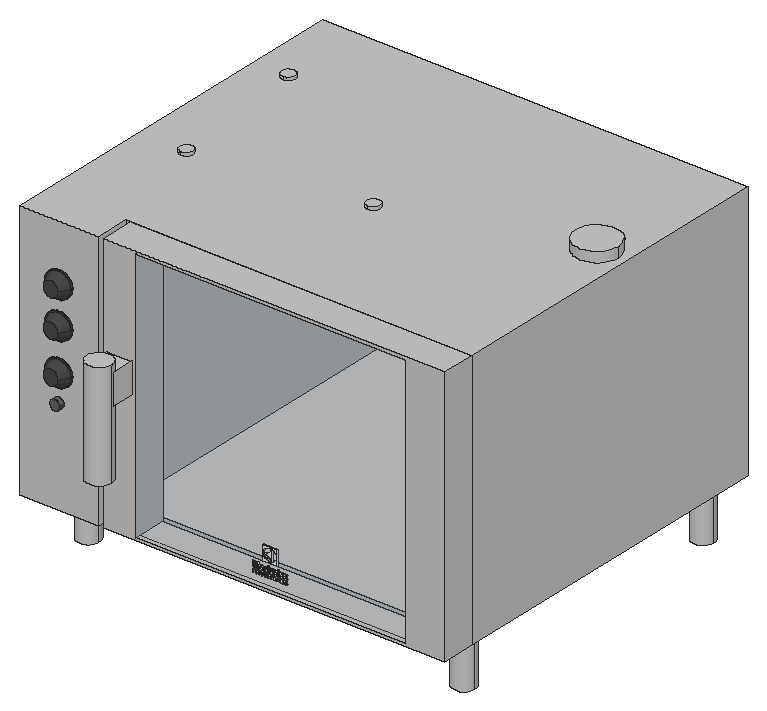
Revit family "QF_ELECTROLUXPROFESSIONAL_260869_EFCE61CSES", category Attrezzature speciali, Revit 2018
Family settings
  Quota connettore circolare = Usa diametro
  Tipo di parte = Normale
  Basato su piano di lavoro = No
  Sempre verticale = Sì
  Taglio con vuoti quando caricato = No
  Condiviso = No
  Punto di calcolo locali = No
Parameters (values of type "Standard")
  Weight = 79.50 kg
  Watts = 7700 W
  Volts = 380 V
  URL Manufacturer = "https://www.electroluxprofessional.com/"
  URL = "https://www.electroluxprofessional.com/"
  Steam Supply Size = 0 mm
  Steam Supply Minimum Pressure = 0.0 Pa
  Steam Supply Maximum Pressure = 0.0 Pa
  Steam Consumption per Hour = 0
  Show Logo [instance] = yes
  Show Clearance [instance] = yes
  Refrigeration Suction Line Size = 0 mm
  Refrigeration Liquid Line Size = 0 mm
  Refrigerant Compressor Remote = yes
  Produttore = "Electrolux Professional"
  Phase = 3
  Modello = "EFCE61CSES"
  Length Actual = 860 mm  # constant formula
  Item Number = "260869"
  Hot Water Size = 0 mm
  Height Actual = 633 mm  # constant formula
  HP = "10.3 HP"
  Gas Size = 0 mm
  Gas KW = 0
  Gas Input Pressure = 0 W
  Direct Waste Size = 25 mm
  Descrizione = "CONVECTION OVEN CW 6 GN 1/1 - ELECTRIC - 60HZ"
  Depth Actual = 746 mm  # constant formula
  Cycle = 60 Hz
  Condensate Return Size = 0 mm
  Compressed Air Volume = 0.0 L/s
  Compressed Air Size = 0 mm
  Compressed Air Pressure = 0.0 Pa
  Cold Water Size = 19.05 mm
  Accessory = yes
Types (2, lengths in mm): name | URL | Produttore | Phase | Modello | Direct Waste Size | Descrizione | Cold Water Size
  (no name) | 0 | 0 | 0 | 0 | 0 | 0 | 0
  Standard | "https://www.electroluxprofessional.com/" | "Electrolux Professional" | 3 | "EFCE61CSES" | 25 | "CONVECTION OVEN CW 6 GN 1/1 - ELECTRIC - 60HZ" | 19.05
Values of the unnamed type that differ from the named types
  Weight = 0.00 kg
  Watts = 0 W
  Volts = 0 V
  URL Manufacturer = ""
  Item Number = ""
  HP = ""
  Cycle = 0 Hz
Reference planes
  plane 1 "Center X": y = 96.851
  plane 2: z = 0
  plane 3 "Center Y": x = -330
  plane 4 "LEFT": x = -760
  plane 5 "BACK": y = 479.851
  plane 6 "RIGHT": x = 100
  plane 7 "FRONT": y = -286.149
  plane 8: x = -710
  plane 9: y = 421.851
  plane 10: y = -217.149
  plane 11: x = 50
  plane 12: y = -935.149
  plane 13: z = 108
  plane 14 "Center Z": z = 633
  plane 15: z = 0
Forms (mm)
  Extrusion 1, solid, material "QF_Finishes_Stainless Steel"
    sketch origin (0, 0, 633) x (-1, 0, 0) y (0, -1, 0)
      loop
        line (760, -479.851) -> (760, 286.149) -> (600, 286.149) -> (600, 217.149) -> (-100, 217.149) -> (-100, -479.851) -> (760, -479.851)
    from 0 to -525
  Extrusion 2, solid, material "QF_Finishes_Stainless Steel"
    sketch origin (0, -286.149, -670) x (-1, 0, 0) y (0, 0, 1)
      loop
        line (590, 1303) -> (-100, 1303) -> (-100, 778) -> (590, 778) -> (590, 1303)
      loop
        line (525, 1298) -> (-20, 1298) -> (-20, 783) -> (525, 783) -> (525, 1298)
    from 0 to 69
  Extrusion 3, solid, material "QF_Finishes_Glass"
    sketch origin (0, -286.149, -670) x (-1, 0, 0) y (0, 0, 1)
      loop
        line (-20, 1298) -> (-20, 783) -> (525, 783) -> (525, 1298) -> (-20, 1298)
    from 0 to 9.69
  Extrusion 4, solid, material "QF_Finishes_Stainless Steel"
    sketch origin (-46, 39, 638) x (0, -1, 0) y (-1, 0, 0)
      loop
        circle (-265.851, 643) r 13.25
    from 0 to 5
  Extrusion 5, solid, material "QF_Door-Drawer Clearances", visible <- "Show Clearance", detail levels coarse
    sketch origin (0, 0, 633) x (-1, 0, 0) y (0, -1, 0)
      loop
        arc (590, 286.149) -> (370.364, 743.933) -> (-100, 935.149) r 704.475
        line (-100, 935.149) -> (-100, 286.149) -> (590, 286.149)
    from -525 to 0
  Extrusion 6, solid, material "QF_Finishes_Stainless Steel"
    sketch origin (-20, -252, 638) x (0, -1, 0) y (-1, 0, 0)
      loop
        circle (-265.851, 643) r 13.25
    from 0 to 5
  Extrusion 7, solid, material "QF_Finishes_Stainless Steel"
    sketch origin (335, -276, 638) x (0, -1, 0) y (-1, 0, 0)
      loop
        circle (-337.851, 658) r 13.25
    from 0 to 5
  Extrusion 8, solid, material "QF_Finishes_Black"
    sketch origin (24, -286.149, -751.676) x (-1, 0, 0) y (0, 0, 1)
      loop
        circle (704, 1195.5) r 26.676
    from 0 to -3
  Blend 9, solid, material "QF_Finishes_Black"
    base sketch origin (-6, -286.149, -751.676) x (1, 0, 0) y (0, 0, 1)
      loop
        circle (-674, 1195.5) r 25
    top sketch origin (-6, -286.149, -751.676) x (1, 0, 0) y (0, 0, 1)
      loop
        circle (-674, 1195.5) r 15
    from 3 to 21.442
  Extrusion 10, solid, material "QF_Finishes_Black"
    sketch origin (24, -286.149, -836.676) x (-1, 0, 0) y (0, 0, 1)
      loop
        circle (704, 1195.5) r 26.676
    from 0 to -3
  Blend 11, solid, material "QF_Finishes_Black"
    base sketch origin (-6, -286.149, -836.676) x (1, 0, 0) y (0, 0, 1)
      loop
        circle (-674, 1195.5) r 25
    top sketch origin (-6, -286.149, -836.676) x (1, 0, 0) y (0, 0, 1)
      loop
        circle (-674, 1195.5) r 15
    from 3 to 21.442
  Extrusion 12, solid, material "QF_Finishes_Black"
    sketch origin (24, -286.149, -971.676) x (-1, 0, 0) y (0, 0, 1)
      loop
        circle (704, 1490.5) r 26.676
    from 0 to -3
  Blend 13, solid, material "QF_Finishes_Black"
    base sketch origin (-6, -286.149, -971.676) x (1, 0, 0) y (0, 0, 1)
      loop
        circle (-674, 1490.5) r 25
    top sketch origin (-6, -286.149, -971.676) x (1, 0, 0) y (0, 0, 1)
      loop
        circle (-674, 1490.5) r 15
    from 3 to 21.442
  Extrusion 14, solid, material "QF_Finishes_Stainless Steel"
    sketch origin (0, -572.298, 425) x (-1, 0, 0) y (0, -1, 0)
      loop
        arc (584.299, -236.149) -> (559.299, -261.149) -> (534.299, -236.149) r 25
        line (534.299, -236.149) -> (534.299, -286.149) -> (584.299, -286.149) -> (584.299, -236.149)
    from -55.026 to 5
  Extrusion 15, solid, material "QF_Finishes_Stainless Steel"
    sketch origin (0, -534.298, 425) x (-1, 0, 0) y (0, -1, 0)
      loop
        circle (559.299, -198.149) r 25
    from -193.655 to 20
  Extrusion 16, solid, material "QF_Finishes_Dark_Gray"
    sketch origin (25, -336.149, -915) x (-1, 0, 0) y (0, 0, 1)
      loop
        circle (705.941, 1218.523) r 10
    from 40 to 50
  Extrusion 17, solid, material "QF_Finishes_Stainless Steel"
    sketch origin (72.184, -18.929, 633) x (-1, 0, 0) y (0, -1, 0)
      loop
        circle (32.184, -192.78) r 43
    from 0 to 20
  Extrusion 18, void
    sketch origin (-600, -680.149, 1750) x (-1, 0, 0) y (0, 0, 1)
      loop
        line (0, -1138.194) -> (-650, -1138.194) -> (-650, -1630) -> (0, -1630) -> (0, -1138.194)
    from 463 to 1102
Cuts and joins
  Extrusion 18 cuts Extrusion 1
Lines and regions (mm)
  Split face 1
    outline origin (-760, -286.149, 633) x (0, 0, -1) y (1, 0, 0)
      loop
        line (5, 15) -> (520, 15) -> (520, 145) -> (5, 145) -> (5, 15)
  Split face 2
    outline origin (-776.014, -286.149, 425.001) x (0, 0, -1) y (1, 0, 0)
      loop
        line (152.5, 78.5) -> (168.75, 78.5) -> (168.75, 113.5) -> (152.5, 113.5) -> (152.5, 78.5)
  Split face 3
    outline origin (-760, -286.149, 633) x (0, 0, -1) y (1, 0, 0)
      loop
        line (50, 15) -> (50, 145)
  Split face 4
    outline origin (-760, -286.149, 633) x (0, 0, -1) y (1, 0, 0)
      loop
        line (475, 15) -> (475, 145)
  Split face 5
    outline origin (20, -286.149, 113) x (1, 0, 0) y (0, 0, 1)
      loop
        line (-524.004, 73.11) -> (-374.004, 73.11) -> (-352.791, 94.323) -> (-192.209, 94.323) -> (-170.996, 73.11) -> (-20.996, 73.11) -> (-20.996, 448.11) -> (-524.004, 448.11) -> (-524.004, 73.11)
  symbolic lines
    curve 1: line (-760, -286.149, 1303) -> (-760, 479.851, 1303)
    curve 2: line (-760, 479.851, 1303) -> (100, 479.851, 1303)
    curve 3: line (-600, -217.149, 1303) -> (100, -217.149, 1303)
    curve 4: line (-600, -217.149, 1303) -> (-600, -286.149, 1303)
    curve 5: line (-760, -286.149, 1303) -> (100, -286.149, 1303)
    curve 6: line (-706.676, -289.149, 1303) -> (-653.324, -289.149, 1303)
    curve 7: line (-695, -307.591, 1303) -> (-665, -307.591, 1303)
    curve 8: line (-706.676, -289.149, 1303) -> (-706.676, -286.149, 1303)
    curve 9: line (-653.324, -289.149, 1303) -> (-653.324, -286.149, 1303)
    curve 10: line (-695, -307.591, 1303) -> (-705, -289.149, 1303)
    curve 11: line (-665, -307.591, 1303) -> (-655.006, -289.149, 1303)
    curve 12: line (100, 479.851, 1303) -> (100, -286.149, 1303)
    curve 14: line (-534.299, -336.149, 1303) -> (-534.299, -286.149, 1303)
    curve 15: line (-584.299, -286.149, 1303) -> (-584.299, -336.149, 1303)
    curve 16: arc (-534.299, -336.149, 1303) -> (-559.299, -361.149, 1303) -> (-584.299, -336.149, 1303) r 25
    curve 17: arc (-584.299, -336.149, 1303) -> (-559.299, -311.149, 1303) -> (-534.299, -336.149, 1303) r 25
    curve 19: arc (83, 173.851, 1303) -> (40, 216.851, 1303) -> (-3, 173.851, 1303) r 43
    curve 20: arc (-3, 173.851, 1303) -> (40, 130.851, 1303) -> (83, 173.851, 1303) r 43
  symbolic lines, style "QF_Door-Drawer Clearances"
    curve 13: line (100, -935.149, 1303) -> (100, -286.149, 1303)
    curve 18: arc (-590, -286.149, 1303) -> (-370.364, -743.933, 1303) -> (100, -935.149, 1303) r 704.475
Dimensions and locks
  equal spacing: plane 4 "LEFT", plane 3 "Center Y", plane 6 "RIGHT"
  plane 4 "LEFT" to plane 6 "RIGHT" = 860 mm
  plane 5 "BACK" to plane 7 "FRONT" = 766 mm
  equal spacing: plane 5 "BACK", plane 1 "Center X", plane 7 "FRONT"
  plane 5 "BACK" to plane 12 = 1415 mm
  plane 13 to plane 15 = 108 mm
  plane 14 "Center Z" to plane 13 = 525 mm
  plane 14 "Center Z" to plane 15 = 633 mm
  aligned and locked: level to plane 2
  aligned and locked: plane 13 to nested 1
  aligned and locked: plane 13 to nested 2
  aligned and locked: plane 13 to nested 4
  aligned and locked: plane 13 to nested 3
  aligned and locked: Extrusion 1 to plane 13
  aligned and locked: Blend 9 to Extrusion 8
  aligned and locked: Blend 11 to Extrusion 10
  aligned and locked: Blend 13 to Extrusion 12
Automatic sketch dimensions
  curve 16 to curve 17 = 0 mm  (x2)
  curve 19 to curve 20 = 0 mm  (x2)
  curve 18 to plane 6 "RIGHT" = 0 mm
  curve 14 to plane 7 "FRONT" = 0 mm
  curve 3 to plane 10 = 0 mm
  curve 1 to plane 4 "LEFT" = 0 mm
  curve 1 to plane 5 "BACK" = 0 mm
  curve 13 to plane 12 = 0 mm
  plane 6 "RIGHT" to curve 18 = 12.296 mm
  curve 20 to plane 11 = 10 mm
  curve 14 to plane 7 "FRONT" = 50 mm
  plane 8 to curve 14 = 175.701 mm
  curve 14 to curve 16 = 25 mm
  curve 15 to curve 3 = 15.701 mm
  curve 9 to plane 7 "FRONT" = 3 mm
  curve 4 to curve 9 = 53.324 mm
  curve 11 to plane 7 "FRONT" = 21.442 mm
  curve 6 to curve 11 = 11.676 mm
  plane 8 to curve 10 = 15 mm
  plane 8 to curve 8 = 3.324 mm
  curve 20 to plane 1 "Center X" = 77 mm
  curve 18 to plane 10 = 13.632 mm
  curve 19 to plane 6 "RIGHT" = 17 mm
  curve 6 to curve 11 = 1.682 mm
  curve 10 to curve 6 = 1.676 mm
  Extrusion 1 sketch curve to plane 5 "BACK" = 0 mm
  Extrusion 1 sketch curve to plane 6 "RIGHT" = 0 mm
  Extrusion 1 sketch curve to plane 10 = 0 mm
  Extrusion 1 sketch curve to plane 7 "FRONT" = 0 mm
  Extrusion 1 sketch curve to plane 4 "LEFT" = 0 mm
  plane 8 to Extrusion 1 sketch curve = 110 mm
  Extrusion 2 sketch curve to plane 6 "RIGHT" = 0 mm
  Extrusion 2 sketch curve to plane 13 = 0 mm
  Extrusion 2 sketch curve to plane 14 "Center Z" = 0 mm
  plane 13 to Extrusion 2 sketch curve = 5 mm
  Extrusion 2 sketch curve to plane 11 = 30 mm
  Extrusion 2 sketch curve to plane 14 "Center Z" = 5 mm
  plane 8 to Extrusion 2 sketch curve = 185 mm
  Extrusion 2 sketch curve to Extrusion 2 sketch curve = 65 mm
  plane 13 to Extrusion 3 sketch curve = 5 mm
  Extrusion 3 sketch curve to plane 11 = 30 mm
  plane 8 to Extrusion 3 sketch curve = 185 mm  (x2)
  Extrusion 3 sketch curve to plane 14 "Center Z" = 5 mm
  plane 8 to Extrusion 4 sketch curve = 21 mm
  Extrusion 4 sketch curve to plane 9 = 117 mm
  Extrusion 5 sketch curve to plane 6 "RIGHT" = 0 mm
  Extrusion 5 sketch curve to plane 7 "FRONT" = 0 mm
  Extrusion 5 sketch curve to plane 12 = 0 mm
  plane 6 "RIGHT" to Extrusion 5 sketch curve = 12.296 mm
  plane 8 to Extrusion 5 sketch curve = 120 mm
  Split face 1 sketch curve to Extrusion 1 = 5 mm  (x2)
  Split face 1 sketch curve to Extrusion 1 = 15 mm  (x2)
  Split face 2 sketch curve to Extrusion 1 = 62.514 mm
  Split face 2 sketch curve to Extrusion 1 = 164.501 mm
  Split face 2 sketch curve to Split face 2 sketch curve = 16.25 mm
  Split face 2 sketch curve to Split face 2 sketch curve = 35 mm
  plane 1 "Center X" to Extrusion 6 sketch curve = 83 mm
  plane 8 to Extrusion 6 sketch curve = 47 mm
  plane 3 "Center Y" to Extrusion 7 sketch curve = 7 mm
  plane 1 "Center X" to Extrusion 7 sketch curve = 35 mm
  Split face 3 sketch curve to Extrusion 1 = 15 mm  (x2)
  Split face 3 sketch curve to Extrusion 1 = 50 mm
  Split face 4 sketch curve to Extrusion 1 = 15 mm  (x2)
  Split face 4 sketch curve to Extrusion 1 = 50 mm
  plane 8 to Extrusion 8 sketch curve = 30 mm
  Extrusion 8 sketch curve to plane 14 "Center Z" = 189.176 mm
  plane 8 to Blend 9 sketch curve = 30 mm  (x2)
  Blend 9 sketch curve to plane 14 "Center Z" = 189.176 mm  (x2)
  plane 8 to Extrusion 10 sketch curve = 30 mm
  plane 13 to Extrusion 10 sketch curve = 250.824 mm
  plane 8 to Blend 11 sketch curve = 30 mm  (x2)
  plane 13 to Blend 11 sketch curve = 250.824 mm  (x2)
  plane 8 to Extrusion 12 sketch curve = 30 mm
  Extrusion 12 sketch curve to plane 14 "Center Z" = 114.176 mm
  plane 8 to Blend 13 sketch curve = 30 mm  (x2)
  Blend 13 sketch curve to plane 14 "Center Z" = 114.176 mm  (x2)
  Split face 5 sketch curve to Extrusion 3 = 20.996 mm  (x2)
  Split face 5 sketch curve to Extrusion 3 = 73.11 mm  (x2)
  Split face 5 sketch curve to Split face 5 sketch curve = 150 mm
  Split face 5 sketch curve to Split face 5 sketch curve = 21.213 mm  (x3)
  Split face 5 sketch curve to Split face 5 sketch curve = 160.583 mm
  Split face 5 sketch curve to Extrusion 3 = 66.89 mm
  Extrusion 14 sketch curve to plane 7 "FRONT" = 0 mm
  plane 8 to Extrusion 14 sketch curve = 175.701 mm
  Extrusion 14 sketch curve to Extrusion 14 sketch curve = 25 mm
  Extrusion 14 sketch curve to Extrusion 14 sketch curve = 50 mm
  Extrusion 14 sketch curve to plane 7 "FRONT" = 50 mm
  Extrusion 14 sketch curve to Extrusion 14 sketch curve = 0 mm  (x3)
  Extrusion 15 sketch curve to plane 7 "FRONT" = 50 mm
  plane 8 to Extrusion 15 sketch curve = 150.701 mm
  plane 8 to Extrusion 16 sketch curve = 29.059 mm
  plane 13 to Extrusion 16 sketch curve = 195.523 mm
  Extrusion 17 sketch curve to plane 11 = 10 mm
  Extrusion 17 sketch curve to plane 1 "Center X" = 77 mm
  Extrusion 18 sketch curve to plane 11 = 0 mm
  plane 13 to Extrusion 18 sketch curve = 12 mm
  plane 8 to Extrusion 18 sketch curve = 110 mm
  Extrusion 18 sketch curve to plane 14 "Center Z" = 21.194 mm
  radius of Extrusion 4 sketch curve = 13.25 mm
  radius of Extrusion 6 sketch curve = 13.25 mm
  radius of Extrusion 7 sketch curve = 13.25 mm
  radius of Extrusion 8 sketch curve = 26.676 mm
  radius of Blend 9 sketch curve = 25 mm
  radius of Blend 9 sketch curve = 15 mm
  radius of Extrusion 10 sketch curve = 26.676 mm
  radius of Blend 11 sketch curve = 25 mm
  radius of Blend 11 sketch curve = 15 mm
  radius of Extrusion 12 sketch curve = 26.676 mm
  radius of Blend 13 sketch curve = 25 mm
  radius of Blend 13 sketch curve = 15 mm
  radius of Extrusion 15 sketch curve = 25 mm
  radius of Extrusion 16 sketch curve = 10 mm
  radius of Extrusion 17 sketch curve = 43 mm
Nested families
  nested 1: "Foot" at (-710, -175.149, 0), type "Foot"
    with Ø 22 mm, H 108 mm
  nested 2: "Foot" at (50, -175.149, 0), type "Foot"
    with Ø 22 mm, H 108 mm
  nested 3: "Foot" at (50, 429.851, 0), type "Foot"
    with Ø 22 mm, H 108 mm
  nested 4: "Foot" at (-710, 429.851, 0), type "Foot"
    with Ø 22 mm, H 108 mm
  nested 5: "ELX_Pro_Logo" at (-252.5, -286.149, 160.512) x (1, 0, 0) z (0, -1, 0), type "ELX_Pro_Logo"
Connectors
  piping at (-323, 61.851, 638), diameter 26.4
    settings: on Extrusion 7, index 6, connector inside diameter 609.6 mm, connector length 0 mm, flow factor 0, pipe flow 0.0 L/s, pressure drop 0.0 Pa, fitting loss kfactor 0, connector angle 0.00°, fixture units 0, engagement length 0 mm, angle of deflection 0.00°, flow configuration 0, flow direction 0, fitting loss method 0, system type 16, joint type 0, gender type 0, connector reference index -1, connector utility 0, adjustable connector no, is connector primary yes, connector description ""
  electrical at (-663, 13.851, 638)
    settings: on Extrusion 6, index 7, voltage 0 V, apparent load 0 VA, apparent load phase1 0 VA, apparent load phase2 0 VA, apparent load phase3 0 VA, power factor 1, load classification "Altro", number of poles 1, system type 30, power factor state 1, is connector primary yes, connector utility no, sub classification motor no, connector description ""
  piping at (-689, 304.851, 638), diameter 19.05, driven by "Cold Water Size"
    settings: on Extrusion 4, index 8, connector inside diameter 609.6 mm, connector length 0 mm, flow factor 0, pipe flow 0.0 L/s, pressure drop 0.0 Pa, fitting loss kfactor 0, connector angle 0.00°, fixture units 0, engagement length 0 mm, angle of deflection 0.00°, flow configuration 0, flow direction 0, fitting loss method 0, system type 20, joint type 0, gender type 0, connector reference index -1, connector utility 0, adjustable connector no, is connector primary no, connector description "Cold Water Inlet"
Definition of nested family "Foot"
  Parameters
    Ø [instance] = 20 mm
    H [instance] = 50 mm
  Reference planes
    plane 1 "Centro (Fronte/Retro)": y = 0
    plane 2: z = 0
    plane 3 "Centro (Sinistra/Destra)": x = 0
    plane 4: z = 50
  Forms (mm)
    Revolve 1, solid
      sketch origin (255.05, 0, 608.09) x (0, 0, 1) y (-1, 0, 0)
        loop
          line (-608.09, 255.05) -> (-608.09, 235.05) -> (-558.09, 235.05) -> (-558.09, 255.05) -> (-608.09, 255.05)
        axis (-608.09, 255.05) -> (-558.09, 255.05)
      angle from 0 to 360
  Dimensions and locks
    "H": plane 4 to plane 2
    "Ø": Revolve 1 sketch curve to Revolve 1 sketch curve
    aligned and locked: level to plane 2
    aligned and locked: plane 4 to Revolve 1 sketch curve
    aligned and locked: Revolve 1 sketch curve to level
    aligned and locked: plane 3 "Centro (Sinistra/Destra)" to Revolve 1 sketch curve
  Automatic sketch dimensions
    Revolve 1 sketch curve to plane 3 "Centro (Sinistra/Destra)" = 0 mm
    Revolve 1 sketch curve to Revolve 1 sketch curve = 50 mm
    Revolve 1 sketch curve to Revolve 1 sketch curve = 20 mm
Definition of nested family "ELX_Pro_Logo"
  Parameters (values of type "ELX_Pro_Logo")
    M = none
    Default Elevation = 0 mm
  Reference planes
    plane 1 "Centro (Fronte/Retro)": y = 0
    plane 2: z = 0
    plane 3 "Centro (Sinistra/Destra)": x = 0
  Forms (mm)
    Extrusion 1, solid
      sketch origin (0, 0, 0) x (1, 0, 0) y (0, 1, 0)
        loop
          line (-1219.2, 1219.2) -> (-1219.2, -1219.2) -> (1219.2, -1219.2) -> (1219.2, 1219.2) -> (-1219.2, 1219.2)
      from 0 to -304.8
    Extrusion 2, solid, material <- "M"
      sketch origin (-144.622, -1081.55, 0) x (-1, 0, 0) y (0, -1, 0)
        loop
          line (-111.329, -1069.559) -> (-111.329, -1071.073) -> (-116.048, -1071.073) -> (-116.048, -1072.896) -> (-111.328, -1072.896) -> (-111.328, -1075.549) -> (-116.349, -1075.549) -> (-116.349, -1077.368) -> (-109.396, -1077.368) -> (-109.396, -1073.46) -> (-109.396, -1069.659)
          arc (-109.396, -1069.659) -> (-110.425, -1067.175) -> (-112.909, -1066.146) r 3.513
          line (-112.909, -1066.146) -> (-116.483, -1066.146) -> (-116.483, -1067.963) -> (-112.925, -1067.963)
          arc (-112.925, -1067.963) -> (-111.797, -1068.431) -> (-111.329, -1069.559) r 1.596
        loop
          line (-119.79, -1077.358) -> (-117.856, -1077.358) -> (-117.856, -1072.053) -> (-117.856, -1066.132) -> (-119.79, -1066.132) -> (-119.79, -1072.092) -> (-119.79, -1077.358)
        loop
          line (-122.986, -1069.718) -> (-129.327, -1069.718)
          arc (-129.327, -1069.718) -> (-129.219, -1071.449) -> (-128.497, -1073.026) r 4.757
          arc (-128.497, -1073.026) -> (-125.237, -1074.5) -> (-121.978, -1073.026) r 4.34
          arc (-121.978, -1073.026) -> (-121.072, -1070.207) -> (-121.978, -1067.388) r 4.838
          arc (-121.978, -1067.388) -> (-125.393, -1065.933) -> (-128.809, -1067.388) r 4.737
          line (-128.809, -1067.388) -> (-127.645, -1068.52)
          arc (-127.645, -1068.52) -> (-125.509, -1067.576) -> (-123.374, -1068.52) r 2.888
          arc (-123.374, -1068.52) -> (-123.05, -1069.077) -> (-122.986, -1069.718) r 1.527
        loop
          arc (-127.386, -1071.076) -> (-126.67, -1072.331) -> (-125.331, -1072.872) r 2.201
          arc (-125.331, -1072.872) -> (-123.848, -1072.402) -> (-123.033, -1071.076) r 2.23
          line (-123.033, -1071.076) -> (-127.386, -1071.076)
        loop
          line (-136.862, -1071.886) -> (-138.059, -1073.132)
          arc (-138.059, -1073.132) -> (-130.327, -1070.219) -> (-138.059, -1067.306) r 4.415
          line (-138.059, -1067.306) -> (-136.862, -1068.553)
          arc (-136.862, -1068.553) -> (-132.252, -1070.22) -> (-136.862, -1071.886) r 2.606
        loop
          line (-141.192, -1069.673) -> (-141.192, -1072.494) -> (-142.951, -1072.494) -> (-142.951, -1074.25) -> (-141.195, -1074.25) -> (-141.195, -1077.358) -> (-139.262, -1077.358) -> (-139.262, -1073.332) -> (-139.262, -1069.514)
          arc (-139.262, -1069.514) -> (-140.299, -1066.92) -> (-142.98, -1066.132) r 3.196
          line (-142.98, -1066.132) -> (-142.987, -1067.949)
          arc (-142.987, -1067.949) -> (-141.652, -1068.356) -> (-141.192, -1069.673) r 1.542
        loop
          line (-146.494, -1073.042) -> (-146.494, -1074.25) -> (-144.576, -1074.25) -> (-144.576, -1070.271) -> (-144.576, -1066.132) -> (-146.494, -1066.132) -> (-146.494, -1070.401)
          arc (-146.494, -1070.401) -> (-147.446, -1072.228) -> (-149.489, -1072.494) r 2.229
          line (-149.489, -1072.494) -> (-149.489, -1074.362)
          arc (-149.489, -1074.362) -> (-147.761, -1074.226) -> (-146.494, -1073.042) r 2.627
        loop
          line (-159.833, -1072.246) -> (-159.833, -1066.131) -> (-161.767, -1066.131) -> (-161.767, -1072.17) -> (-161.767, -1077.359) -> (-159.833, -1077.359) -> (-159.833, -1072.246)
        loop
          line (-165.194, -1069.514) -> (-165.194, -1074.25) -> (-163.245, -1074.25) -> (-163.245, -1071.898) -> (-163.245, -1069.098)
          arc (-163.245, -1069.098) -> (-166.96, -1065.769) -> (-170.687, -1069.085) r 3.745
          line (-170.687, -1069.085) -> (-170.687, -1071.898) -> (-170.687, -1074.25) -> (-168.739, -1074.25) -> (-168.739, -1069.514)
          arc (-168.739, -1069.514) -> (-166.967, -1067.742) -> (-165.194, -1069.514) r 1.772
        loop
          line (-174.654, -1070.416) -> (-172.975, -1068.078) -> (-171.578, -1066.131) -> (-173.656, -1066.131) -> (-175.717, -1068.999) -> (-177.779, -1066.131) -> (-179.857, -1066.131) -> (-178, -1068.728) -> (-176.781, -1070.433) -> (-178.29, -1072.488) -> (-179.583, -1074.25) -> (-177.473, -1074.25) -> (-175.717, -1071.818) -> (-173.945, -1074.25) -> (-171.852, -1074.25) -> (-173.052, -1072.608) -> (-174.654, -1070.416)
        loop
          circle (-154.223, -1070.188) r 2.508
        loop
          circle (-154.223, -1070.188) r 4.42
        loop
          line (-110.224, -1058.542) -> (-111.194, -1058.542)
          arc (-111.194, -1058.542) -> (-112.217, -1059.95) -> (-110.924, -1061.114) r 1.3
          line (-110.924, -1061.114) -> (-109.424, -1061.114) -> (-109.424, -1057.223) -> (-110.224, -1057.223) -> (-110.224, -1058.542)
        loop
          line (-110.224, -1060.379) -> (-110.224, -1059.293) -> (-111.03, -1059.293)
          arc (-111.03, -1059.293) -> (-111.43, -1059.836) -> (-111.03, -1060.379) r 0.569
          line (-111.03, -1060.379) -> (-110.224, -1060.379)
        loop
          line (-116.302, -1058.564) -> (-117.128, -1058.564) -> (-117.934, -1057.223) -> (-118.841, -1057.223) -> (-117.833, -1058.884)
          arc (-117.833, -1058.884) -> (-118.214, -1060.282) -> (-117.028, -1061.114) r 1.26
          line (-117.028, -1061.114) -> (-115.503, -1061.114) -> (-115.503, -1057.223) -> (-116.302, -1057.223) -> (-116.302, -1058.564)
        loop
          line (-116.302, -1060.379) -> (-116.302, -1059.293) -> (-117.109, -1059.293)
          arc (-117.109, -1059.293) -> (-117.508, -1059.836) -> (-117.109, -1060.379) r 0.569
          line (-117.109, -1060.379) -> (-116.302, -1060.379)
        loop
          line (-128.923, -1057.223) -> (-129.723, -1057.223) -> (-129.723, -1058.714) -> (-131.187, -1058.714) -> (-131.187, -1059.514) -> (-129.723, -1059.514) -> (-129.723, -1060.314) -> (-131.327, -1060.314) -> (-131.327, -1061.114) -> (-128.923, -1061.114) -> (-128.923, -1057.223)
        loop
          arc (-134.628, -1058.469) -> (-134.992, -1057.588) -> (-135.874, -1057.223) r 1.246
          line (-135.874, -1057.223) -> (-137.13, -1057.223) -> (-137.13, -1058.023) -> (-135.969, -1058.023)
          arc (-135.969, -1058.023) -> (-135.53, -1058.237) -> (-135.427, -1058.714) r 0.558
          line (-135.427, -1058.714) -> (-136.984, -1058.714) -> (-136.984, -1059.514) -> (-135.427, -1059.514) -> (-135.427, -1060.314) -> (-137.092, -1060.314) -> (-137.092, -1061.114) -> (-134.628, -1061.114) -> (-134.628, -1058.469)
        loop
          line (-152.3, -1057.223) -> (-153.1, -1057.223) -> (-153.1, -1061.114) -> (-152.3, -1061.114) -> (-152.3, -1057.223)
        loop
          line (-164.67, -1057.223) -> (-164.67, -1059.67) -> (-166.45, -1057.223) -> (-167.25, -1057.223) -> (-167.25, -1061.114) -> (-166.42, -1061.114) -> (-166.42, -1058.594) -> (-164.64, -1061.114) -> (-163.84, -1061.114) -> (-163.84, -1057.223) -> (-164.67, -1057.223)
        loop
          line (-170.403, -1057.223) -> (-171.262, -1057.223) -> (-171.641, -1058.063) -> (-173.08, -1058.063) -> (-173.459, -1057.223) -> (-174.317, -1057.223) -> (-172.796, -1061.113) -> (-171.996, -1061.113) -> (-170.403, -1057.223)
        loop
          line (-177.493, -1057.223) -> (-179.789, -1057.223) -> (-179.789, -1058.023) -> (-178.293, -1058.023) -> (-178.293, -1061.114) -> (-177.493, -1061.114) -> (-177.493, -1057.223)
        loop
          line (-172.362, -1059.848) -> (-171.945, -1058.83) -> (-172.76, -1058.83) -> (-172.362, -1059.848)
        loop
          circle (-158.484, -1059.145) r 1.288
        loop
          circle (-158.484, -1059.145) r 2.065
        loop
          arc (-146.04, -1058.095) -> (-146.933, -1057.275) -> (-148.145, -1057.245) r 1.725
          arc (-148.145, -1057.245) -> (-148.965, -1058.02) -> (-148.68, -1059.111) r 1.107
          arc (-148.68, -1059.111) -> (-148.103, -1059.465) -> (-147.486, -1059.746) r 5.523
          arc (-147.486, -1059.746) -> (-147.147, -1060.262) -> (-147.708, -1060.52) r 0.407
          arc (-147.708, -1060.52) -> (-148.045, -1060.315) -> (-148.325, -1060.038) r 1.702
          line (-148.325, -1060.038) -> (-149.011, -1060.45)
          arc (-149.011, -1060.45) -> (-148.578, -1060.911) -> (-148.043, -1061.247) r 2.463
          arc (-148.043, -1061.247) -> (-146.373, -1060.466) -> (-147.42, -1058.949) r 1.207
          spline (-147.42, -1058.949) -> (-147.716, -1058.809) -> (-147.932, -1058.678) -> (-148.077, -1058.557) -> (-148.163, -1058.446) -> (-148.198, -1058.347) -> (-148.192, -1058.258) -> (-148.157, -1058.182) -> (-148.102, -1058.118) -> (-148.037, -1058.068) -> (-147.972, -1058.031) -> (-147.917, -1058.008) -> (-147.883, -1058)
          arc (-147.883, -1058) -> (-147.238, -1058.014) -> (-146.759, -1058.446) r 0.925
          line (-146.759, -1058.446) -> (-146.04, -1058.095)
        loop
          arc (-140.18, -1058.095) -> (-141.073, -1057.275) -> (-142.285, -1057.245) r 1.725
          arc (-142.285, -1057.245) -> (-143.106, -1058.02) -> (-142.821, -1059.111) r 1.107
          arc (-142.821, -1059.111) -> (-142.243, -1059.465) -> (-141.627, -1059.746) r 5.523
          arc (-141.627, -1059.746) -> (-141.287, -1060.262) -> (-141.849, -1060.52) r 0.407
          arc (-141.849, -1060.52) -> (-142.185, -1060.315) -> (-142.466, -1060.038) r 1.702
          line (-142.466, -1060.038) -> (-143.151, -1060.45)
          arc (-143.151, -1060.45) -> (-142.719, -1060.911) -> (-142.183, -1061.247) r 2.463
          arc (-142.183, -1061.247) -> (-140.513, -1060.466) -> (-141.56, -1058.949) r 1.207
          spline (-141.56, -1058.949) -> (-141.856, -1058.809) -> (-142.072, -1058.678) -> (-142.218, -1058.557) -> (-142.303, -1058.446) -> (-142.338, -1058.347) -> (-142.333, -1058.258) -> (-142.298, -1058.182) -> (-142.242, -1058.118) -> (-142.177, -1058.068) -> (-142.112, -1058.031) -> (-142.057, -1058.008) -> (-142.023, -1058)
          arc (-142.023, -1058) -> (-141.378, -1058.014) -> (-140.9, -1058.446) r 0.925
          line (-140.9, -1058.446) -> (-140.18, -1058.095)
        loop
          circle (-123.484, -1059.145) r 1.288
        loop
          circle (-123.484, -1059.145) r 2.065
        loop
          line (-130.225, -1113.361) -> (-130.225, -1084.645) -> (-158.979, -1084.645) -> (-158.979, -1113.361) -> (-130.225, -1113.361)
        loop
          arc (-148.442, -1086.055) -> (-157.992, -1098.973) -> (-148.442, -1111.892) r 13.512
          line (-148.442, -1111.892) -> (-148.442, -1086.055)
        loop
          line (-147.127, -1086.055) -> (-147.127, -1087.926)
          arc (-147.127, -1087.926) -> (-143.116, -1095.125) -> (-135.48, -1098.224) r 12.412
          line (-135.48, -1098.224) -> (-131.205, -1098.224)
          arc (-131.205, -1098.224) -> (-136.382, -1088.497) -> (-147.127, -1086.055) r 13.242
        loop
          line (-147.127, -1110.021) -> (-147.127, -1112.224)
          arc (-147.127, -1112.224) -> (-136.374, -1109.53) -> (-131.205, -1099.722) r 13.588
          line (-131.205, -1099.722) -> (-135.48, -1099.722)
          arc (-135.48, -1099.722) -> (-143.116, -1102.822) -> (-147.127, -1110.021) r 12.412
      from 0 to 1.6
  Lines and regions (mm)
    symbolic lines
      curve 1: line (-14.357, 31.811, 0) -> (14.357, 31.811, 0)
      curve 2: line (-14.357, 3.095, 0) -> (-14.357, 31.811, 0)
      curve 3: line (14.357, 3.095, 0) -> (-14.357, 3.095, 0)
      curve 4: line (14.357, 31.811, 0) -> (14.357, 3.095, 0)
      curve 5: line (-8.32, 7.722, 0) -> (-9.387, 8.738, 0)
      curve 6: line (-9.387, 8.738, 0) -> (-10.331, 9.866, 0)
      curve 7: line (-10.331, 9.866, 0) -> (-11.141, 11.095, 0)
      curve 8: line (-11.141, 11.095, 0) -> (-11.805, 12.411, 0)
      curve 9: line (-11.805, 12.411, 0) -> (-12.31, 13.803, 0)
      curve 10: line (-12.31, 13.803, 0) -> (-12.646, 15.26, 0)
      curve 11: line (-12.646, 15.26, 0) -> (-12.8, 16.77, 0)
      curve 12: line (-12.8, 16.77, 0) -> (-10.081, 16.77, 0)
      curve 13: line (-10.081, 16.77, 0) -> (-8.466, 16.661, 0)
      curve 14: line (-8.466, 16.661, 0) -> (-6.88, 16.344, 0)
      curve 15: line (-6.88, 16.344, 0) -> (-5.345, 15.833, 0)
      curve 16: line (-5.345, 15.833, 0) -> (-3.882, 15.143, 0)
      curve 17: line (-3.882, 15.143, 0) -> (-2.511, 14.288, 0)
      curve 18: line (-2.511, 14.288, 0) -> (-1.255, 13.283, 0)
      curve 19: line (-1.255, 13.283, 0) -> (-0.135, 12.143, 0)
      curve 20: line (-0.135, 12.143, 0) -> (0.83, 10.882, 0)
      curve 21: line (0.83, 10.882, 0) -> (1.616, 9.515, 0)
      curve 22: arc (1.616, 9.515, 0) -> (2.419, 7.28, 0) -> (2.7, 4.923, 0) r 10.532
      curve 23: arc (2.7, 4.923, 0) -> (1.362, 4.715, 0) -> (0.011, 4.633, 0) r 14.39
      curve 24: line (0.011, 4.633, 0) -> (-1.56, 4.731, 0)
      curve 25: line (-1.56, 4.731, 0) -> (-3.062, 5.011, 0)
      curve 26: line (-3.062, 5.011, 0) -> (-4.502, 5.462, 0)
      curve 27: line (-4.502, 5.462, 0) -> (-5.866, 6.072, 0)
      curve 28: line (-5.866, 6.072, 0) -> (-7.142, 6.829, 0)
      curve 29: line (-7.142, 6.829, 0) -> (-8.32, 7.722, 0)
      curve 30: line (-10.802, 24.24, 0) -> (-9.872, 25.531, 0)
      curve 31: line (-9.872, 25.531, 0) -> (-8.796, 26.699, 0)
      curve 32: line (-8.796, 26.699, 0) -> (-7.587, 27.728, 0)
      curve 33: line (-7.587, 27.728, 0) -> (-6.258, 28.602, 0)
      curve 34: line (-6.258, 28.602, 0) -> (-4.823, 29.309, 0)
      curve 35: line (-4.823, 29.309, 0) -> (-3.293, 29.832, 0)
      curve 36: line (-3.293, 29.832, 0) -> (-1.683, 30.156, 0)
      curve 37: arc (-1.683, 30.156, 0) -> (0.517, 30.256, 0) -> (2.702, 29.984, 0) r 13.008
      curve 38: arc (2.702, 29.984, 0) -> (2.453, 27.616, 0) -> (1.617, 25.387, 0) r 9.395
      curve 39: line (1.617, 25.387, 0) -> (0.83, 24.018, 0)
      curve 40: line (0.83, 24.018, 0) -> (-0.134, 22.756, 0)
      curve 41: line (-0.134, 22.756, 0) -> (-1.255, 21.615, 0)
      curve 42: line (-1.255, 21.615, 0) -> (-2.512, 20.609, 0)
      curve 43: line (-2.512, 20.609, 0) -> (-3.882, 19.754, 0)
      curve 44: line (-3.882, 19.754, 0) -> (-5.346, 19.063, 0)
      curve 45: line (-5.346, 19.063, 0) -> (-6.881, 18.551, 0)
      curve 46: line (-6.881, 18.551, 0) -> (-8.467, 18.234, 0)
      curve 47: line (-8.467, 18.234, 0) -> (-10.083, 18.125, 0)
      curve 48: line (-10.083, 18.125, 0) -> (-12.798, 18.125, 0)
      curve 49: line (-12.798, 18.125, 0) -> (-12.584, 19.768, 0)
      curve 50: line (-12.584, 19.768, 0) -> (-12.171, 21.343, 0)
      curve 51: line (-12.171, 21.343, 0) -> (-11.572, 22.839, 0)
      curve 52: line (-11.572, 22.839, 0) -> (-10.802, 24.24, 0)
      curve 53: line (4.048, 5.294, 0) -> (4.048, 29.617, 0)
      curve 54: line (4.048, 29.617, 0) -> (5.525, 29.026, 0)
      curve 55: line (5.525, 29.026, 0) -> (6.905, 28.26, 0)
      curve 56: line (6.905, 28.26, 0) -> (8.174, 27.332, 0)
      curve 57: line (8.174, 27.332, 0) -> (9.318, 26.256, 0)
      curve 58: line (9.318, 26.256, 0) -> (10.323, 25.046, 0)
      curve 59: line (10.323, 25.046, 0) -> (11.177, 23.715, 0)
      curve 60: line (11.177, 23.715, 0) -> (11.865, 22.277, 0)
      curve 61: line (11.865, 22.277, 0) -> (12.375, 20.746, 0)
      curve 62: line (12.375, 20.746, 0) -> (12.693, 19.135, 0)
      curve 63: line (12.693, 19.135, 0) -> (12.804, 17.459, 0)
      curve 64: line (12.804, 17.459, 0) -> (12.702, 15.807, 0)
      curve 65: line (12.702, 15.807, 0) -> (12.396, 14.216, 0)
      curve 66: line (12.396, 14.216, 0) -> (11.897, 12.7, 0)
      curve 67: line (11.897, 12.7, 0) -> (11.218, 11.271, 0)
      curve 68: line (11.218, 11.271, 0) -> (10.372, 9.944, 0)
      curve 69: line (10.372, 9.944, 0) -> (9.37, 8.731, 0)
      curve 70: line (9.37, 8.731, 0) -> (8.224, 7.646, 0)
      curve 71: line (8.224, 7.646, 0) -> (6.947, 6.703, 0)
      curve 72: line (6.947, 6.703, 0) -> (5.551, 5.914, 0)
      curve 73: line (5.551, 5.914, 0) -> (4.048, 5.294, 0)
      curve 74: line (-35.227, -8.09, 0) -> (-35.227, -11.891, 0)
      curve 75: arc (-35.227, -11.891, 0) -> (-34.198, -14.375, 0) -> (-31.714, -15.404, 0) r 3.513
      curve 76: line (-31.714, -15.404, 0) -> (-28.139, -15.404, 0)
      curve 77: line (-28.139, -15.404, 0) -> (-28.139, -13.587, 0)
      curve 78: line (-28.139, -13.587, 0) -> (-31.697, -13.587, 0)
      curve 79: arc (-31.697, -13.587, 0) -> (-32.826, -13.119, 0) -> (-33.293, -11.991, 0) r 1.596
      curve 80: line (-33.293, -11.991, 0) -> (-33.293, -10.477, 0)
      curve 81: line (-33.293, -10.477, 0) -> (-28.574, -10.477, 0)
      curve 82: line (-28.574, -10.477, 0) -> (-28.574, -8.654, 0)
      curve 83: line (-28.574, -8.654, 0) -> (-33.294, -8.654, 0)
      curve 84: line (-33.294, -8.654, 0) -> (-33.294, -6.001, 0)
      curve 85: line (-33.294, -6.001, 0) -> (-28.273, -6.001, 0)
      curve 86: line (-28.273, -6.001, 0) -> (-28.273, -4.182, 0)
      curve 87: line (-28.273, -4.182, 0) -> (-35.227, -4.182, 0)
      curve 88: line (-35.227, -4.182, 0) -> (-35.227, -8.09, 0)
      curve 89: line (-24.833, -9.458, 0) -> (-24.833, -4.192, 0)
      curve 90: line (-24.833, -4.192, 0) -> (-26.766, -4.192, 0)
      curve 91: line (-26.766, -4.192, 0) -> (-26.766, -9.497, 0)
      curve 92: line (-26.766, -9.497, 0) -> (-26.766, -15.418, 0)
      curve 93: line (-26.766, -15.418, 0) -> (-24.833, -15.418, 0)
      curve 94: line (-24.833, -15.418, 0) -> (-24.833, -9.458, 0)
      curve 95: arc (-16.125, -8.524, 0) -> (-19.385, -7.05, 0) -> (-22.645, -8.524, 0) r 4.34
      curve 96: arc (-22.645, -8.524, 0) -> (-23.551, -11.343, 0) -> (-22.645, -14.162, 0) r 4.838
      curve 97: arc (-22.645, -14.162, 0) -> (-19.229, -15.617, 0) -> (-15.813, -14.162, 0) r 4.737
      curve 98: line (-15.813, -14.162, 0) -> (-16.978, -13.03, 0)
      curve 99: arc (-16.978, -13.03, 0) -> (-19.113, -13.974, 0) -> (-21.249, -13.03, 0) r 2.888
      curve 100: arc (-21.249, -13.03, 0) -> (-21.572, -12.473, 0) -> (-21.637, -11.832, 0) r 1.527
      curve 101: line (-21.637, -11.832, 0) -> (-15.295, -11.832, 0)
      curve 102: arc (-15.295, -11.832, 0) -> (-15.404, -10.101, 0) -> (-16.125, -8.524, 0) r 4.757
      curve 103: line (-17.236, -10.474, 0) -> (-21.589, -10.474, 0)
      curve 104: arc (-21.589, -10.474, 0) -> (-20.774, -9.148, 0) -> (-19.291, -8.678, 0) r 2.23
      curve 105: arc (-19.291, -8.678, 0) -> (-17.952, -9.219, 0) -> (-17.236, -10.474, 0) r 2.201
      curve 106: arc (-6.563, -8.418, 0) -> (-14.295, -11.331, 0) -> (-6.563, -14.244, 0) r 4.415
      curve 107: line (-6.563, -14.244, 0) -> (-7.761, -12.997, 0)
      curve 108: arc (-7.761, -12.997, 0) -> (-12.371, -11.33, 0) -> (-7.761, -9.664, 0) r 2.606
      curve 109: line (-7.761, -9.664, 0) -> (-6.563, -8.418, 0)
      curve 110: line (-5.361, -4.192, 0) -> (-5.361, -8.218, 0)
      curve 111: line (-5.361, -8.218, 0) -> (-5.361, -12.036, 0)
      curve 112: arc (-5.361, -12.036, 0) -> (-4.323, -14.63, 0) -> (-1.642, -15.418, 0) r 3.196
      curve 113: line (-1.642, -15.418, 0) -> (-1.636, -13.601, 0)
      curve 114: arc (-1.636, -13.601, 0) -> (-2.97, -13.194, 0) -> (-3.43, -11.877, 0) r 1.542
      curve 115: line (-3.43, -11.877, 0) -> (-3.43, -9.056, 0)
      curve 116: line (-3.43, -9.056, 0) -> (-1.672, -9.056, 0)
      curve 117: line (-1.672, -9.056, 0) -> (-1.672, -7.299, 0)
      curve 118: line (-1.672, -7.299, 0) -> (-3.427, -7.299, 0)
      curve 119: line (-3.427, -7.299, 0) -> (-3.427, -4.192, 0)
      curve 120: line (-3.427, -4.192, 0) -> (-5.361, -4.192, 0)
      curve 121: line (1.872, -7.3, 0) -> (-0.046, -7.3, 0)
      curve 122: line (-0.046, -7.3, 0) -> (-0.046, -11.279, 0)
      curve 123: line (-0.046, -11.279, 0) -> (-0.046, -15.418, 0)
      curve 124: line (-0.046, -15.418, 0) -> (1.872, -15.418, 0)
      curve 125: line (1.872, -15.418, 0) -> (1.872, -11.149, 0)
      curve 126: arc (1.872, -11.149, 0) -> (2.824, -9.322, 0) -> (4.867, -9.056, 0) r 2.229
      curve 127: line (4.867, -9.056, 0) -> (4.867, -7.188, 0)
      curve 128: arc (4.867, -7.188, 0) -> (3.138, -7.324, 0) -> (1.872, -8.508, 0) r 2.627
      curve 129: line (1.872, -8.508, 0) -> (1.872, -7.3, 0)
      curve 130: arc (7.092, -11.362, 0) -> (9.601, -8.854, 0) -> (12.109, -11.362, 0) r 2.508
      curve 131: arc (12.109, -11.362, 0) -> (9.601, -13.871, 0) -> (7.092, -11.362, 0) r 2.508
      curve 132: arc (5.18, -11.362, 0) -> (9.601, -15.783, 0) -> (14.021, -11.362, 0) r 4.42
      curve 133: arc (14.021, -11.362, 0) -> (9.601, -6.942, 0) -> (5.18, -11.362, 0) r 4.42
      curve 134: line (15.211, -4.191, 0) -> (15.211, -9.304, 0)
      curve 135: line (15.211, -9.304, 0) -> (15.211, -15.419, 0)
      curve 136: line (15.211, -15.419, 0) -> (17.145, -15.419, 0)
      curve 137: line (17.145, -15.419, 0) -> (17.145, -9.38, 0)
      curve 138: line (17.145, -9.38, 0) -> (17.145, -4.191, 0)
      curve 139: line (17.145, -4.191, 0) -> (15.211, -4.191, 0)
      curve 140: line (18.622, -7.299, 0) -> (18.622, -9.652, 0)
      curve 141: line (18.622, -9.652, 0) -> (18.622, -12.452, 0)
      curve 142: arc (18.622, -12.452, 0) -> (22.338, -15.781, 0) -> (26.064, -12.465, 0) r 3.745
      curve 143: line (26.064, -12.465, 0) -> (26.064, -9.652, 0)
      curve 144: line (26.064, -9.652, 0) -> (26.064, -7.299, 0)
      curve 145: line (26.064, -7.299, 0) -> (24.116, -7.299, 0)
      curve 146: line (24.116, -7.299, 0) -> (24.116, -12.036, 0)
      curve 147: arc (24.116, -12.036, 0) -> (22.344, -13.808, 0) -> (20.572, -12.036, 0) r 1.772
      curve 148: line (20.572, -12.036, 0) -> (20.572, -7.299, 0)
      curve 149: line (20.572, -7.299, 0) -> (18.622, -7.299, 0)
      curve 150: line (28.43, -8.942, 0) -> (30.032, -11.134, 0)
      curve 151: line (30.032, -11.134, 0) -> (28.353, -13.472, 0)
      curve 152: line (28.353, -13.472, 0) -> (26.955, -15.419, 0)
      curve 153: line (26.955, -15.419, 0) -> (29.033, -15.419, 0)
      curve 154: line (29.033, -15.419, 0) -> (31.095, -12.551, 0)
      curve 155: line (31.095, -12.551, 0) -> (33.156, -15.419, 0)
      curve 156: line (33.156, -15.419, 0) -> (35.234, -15.419, 0)
      curve 157: line (35.234, -15.419, 0) -> (33.378, -12.822, 0)
      curve 158: line (33.378, -12.822, 0) -> (32.158, -11.117, 0)
      curve 159: line (32.158, -11.117, 0) -> (33.668, -9.062, 0)
      curve 160: line (33.668, -9.062, 0) -> (34.961, -7.3, 0)
      curve 161: line (34.961, -7.3, 0) -> (32.851, -7.3, 0)
      curve 162: line (32.851, -7.3, 0) -> (31.095, -9.732, 0)
      curve 163: line (31.095, -9.732, 0) -> (29.323, -7.3, 0)
      curve 164: line (29.323, -7.3, 0) -> (27.23, -7.3, 0)
      curve 165: line (27.23, -7.3, 0) -> (28.43, -8.942, 0)
      curve 166: line (-35.198, -20.436, 0) -> (-35.198, -24.327, 0)
      curve 167: line (-35.198, -24.327, 0) -> (-34.398, -24.327, 0)
      curve 168: line (-34.398, -24.327, 0) -> (-34.398, -23.008, 0)
      curve 169: line (-34.398, -23.008, 0) -> (-33.428, -23.008, 0)
      curve 170: arc (-33.428, -23.008, 0) -> (-32.405, -21.6, 0) -> (-33.699, -20.436, 0) r 1.3
      curve 171: line (-33.699, -20.436, 0) -> (-35.198, -20.436, 0)
      curve 172: line (-34.398, -22.257, 0) -> (-34.398, -21.171, 0)
      curve 173: line (-34.398, -21.171, 0) -> (-33.592, -21.171, 0)
      curve 174: arc (-33.592, -21.171, 0) -> (-33.192, -21.714, 0) -> (-33.592, -22.257, 0) r 0.569
      curve 175: line (-33.592, -22.257, 0) -> (-34.398, -22.257, 0)
      curve 176: line (-29.12, -20.436, 0) -> (-29.12, -24.327, 0)
      curve 177: line (-29.12, -24.327, 0) -> (-28.32, -24.327, 0)
      curve 178: line (-28.32, -24.327, 0) -> (-28.32, -22.986, 0)
      curve 179: line (-28.32, -22.986, 0) -> (-27.494, -22.986, 0)
      curve 180: line (-27.494, -22.986, 0) -> (-26.688, -24.327, 0)
      curve 181: line (-26.688, -24.327, 0) -> (-25.781, -24.327, 0)
      curve 182: line (-25.781, -24.327, 0) -> (-26.789, -22.666, 0)
      curve 183: arc (-26.789, -22.666, 0) -> (-26.409, -21.268, 0) -> (-27.594, -20.436, 0) r 1.26
      curve 184: line (-27.594, -20.436, 0) -> (-29.12, -20.436, 0)
      curve 185: line (-28.32, -22.257, 0) -> (-28.32, -21.171, 0)
      curve 186: line (-28.32, -21.171, 0) -> (-27.514, -21.171, 0)
      curve 187: arc (-27.514, -21.171, 0) -> (-27.114, -21.714, 0) -> (-27.514, -22.257, 0) r 0.569
      curve 188: line (-27.514, -22.257, 0) -> (-28.32, -22.257, 0)
      curve 189: arc (-22.427, -22.405, 0) -> (-21.138, -21.117, 0) -> (-19.85, -22.405, 0) r 1.288
      curve 190: arc (-19.85, -22.405, 0) -> (-21.138, -23.694, 0) -> (-22.427, -22.405, 0) r 1.288
      curve 191: arc (-23.203, -22.405, 0) -> (-21.138, -24.47, 0) -> (-19.074, -22.405, 0) r 2.065
      curve 192: arc (-19.074, -22.405, 0) -> (-21.138, -20.34, 0) -> (-23.203, -22.405, 0) r 2.065
      curve 193: line (-15.7, -20.436, 0) -> (-15.7, -24.327, 0)
      curve 194: line (-15.7, -24.327, 0) -> (-14.9, -24.327, 0)
      curve 195: line (-14.9, -24.327, 0) -> (-14.9, -22.836, 0)
      curve 196: line (-14.9, -22.836, 0) -> (-13.436, -22.836, 0)
      curve 197: line (-13.436, -22.836, 0) -> (-13.436, -22.036, 0)
      curve 198: line (-13.436, -22.036, 0) -> (-14.9, -22.036, 0)
      curve 199: line (-14.9, -22.036, 0) -> (-14.9, -21.236, 0)
      curve 200: line (-14.9, -21.236, 0) -> (-13.295, -21.236, 0)
      curve 201: line (-13.295, -21.236, 0) -> (-13.295, -20.436, 0)
      curve 202: line (-13.295, -20.436, 0) -> (-15.7, -20.436, 0)
      curve 203: line (-9.995, -20.436, 0) -> (-9.995, -23.081, 0)
      curve 204: arc (-9.995, -23.081, 0) -> (-9.63, -23.962, 0) -> (-8.749, -24.327, 0) r 1.246
      curve 205: line (-8.749, -24.327, 0) -> (-7.492, -24.327, 0)
      curve 206: line (-7.492, -24.327, 0) -> (-7.492, -23.527, 0)
      curve 207: line (-7.492, -23.527, 0) -> (-8.653, -23.527, 0)
      curve 208: arc (-8.653, -23.527, 0) -> (-9.092, -23.313, 0) -> (-9.195, -22.836, 0) r 0.558
      curve 209: line (-9.195, -22.836, 0) -> (-7.639, -22.836, 0)
      curve 210: line (-7.639, -22.836, 0) -> (-7.639, -22.036, 0)
      curve 211: line (-7.639, -22.036, 0) -> (-9.195, -22.036, 0)
      curve 212: line (-9.195, -22.036, 0) -> (-9.195, -21.236, 0)
      curve 213: line (-9.195, -21.236, 0) -> (-7.53, -21.236, 0)
      curve 214: line (-7.53, -21.236, 0) -> (-7.53, -20.436, 0)
      curve 215: line (-7.53, -20.436, 0) -> (-9.995, -20.436, 0)
      curve 216: arc (-4.442, -23.455, 0) -> (-3.549, -24.275, 0) -> (-2.337, -24.305, 0) r 1.725
      curve 217: arc (-2.337, -24.305, 0) -> (-1.517, -23.53, 0) -> (-1.802, -22.439, 0) r 1.107
      curve 218: arc (-1.802, -22.439, 0) -> (-2.379, -22.085, 0) -> (-2.996, -21.804, 0) r 5.523
      curve 219: arc (-2.996, -21.804, 0) -> (-3.336, -21.288, 0) -> (-2.774, -21.03, 0) r 0.407
      curve 220: arc (-2.774, -21.03, 0) -> (-2.437, -21.235, 0) -> (-2.157, -21.512, 0) r 1.702
      curve 221: line (-2.157, -21.512, 0) -> (-1.471, -21.1, 0)
      curve 222: arc (-1.471, -21.1, 0) -> (-1.904, -20.639, 0) -> (-2.44, -20.303, 0) r 2.463
      curve 223: arc (-2.44, -20.303, 0) -> (-4.109, -21.084, 0) -> (-3.062, -22.601, 0) r 1.207
      curve 224: line (-3.062, -22.601, 0) -> (-2.6, -23.549, 0)
      curve 225: arc (-2.6, -23.549, 0) -> (-3.244, -23.536, 0) -> (-3.723, -23.104, 0) r 0.925
      curve 226: line (-3.723, -23.104, 0) -> (-4.442, -23.455, 0)
      curve 227: arc (1.418, -23.455, 0) -> (2.311, -24.275, 0) -> (3.523, -24.305, 0) r 1.725
      curve 228: arc (3.523, -24.305, 0) -> (4.343, -23.53, 0) -> (4.058, -22.439, 0) r 1.107
      curve 229: arc (4.058, -22.439, 0) -> (3.48, -22.085, 0) -> (2.864, -21.804, 0) r 5.523
      curve 230: arc (2.864, -21.804, 0) -> (2.524, -21.288, 0) -> (3.086, -21.03, 0) r 0.407
      curve 231: arc (3.086, -21.03, 0) -> (3.423, -21.235, 0) -> (3.703, -21.512, 0) r 1.702
      curve 232: line (3.703, -21.512, 0) -> (4.389, -21.1, 0)
      curve 233: arc (4.389, -21.1, 0) -> (3.956, -20.639, 0) -> (3.42, -20.303, 0) r 2.463
      curve 234: arc (3.42, -20.303, 0) -> (1.75, -21.084, 0) -> (2.798, -22.601, 0) r 1.207
      curve 235: line (2.798, -22.601, 0) -> (3.26, -23.549, 0)
      curve 236: arc (3.26, -23.549, 0) -> (2.616, -23.536, 0) -> (2.137, -23.104, 0) r 0.925
      curve 237: line (2.137, -23.104, 0) -> (1.418, -23.455, 0)
      curve 238: line (7.678, -24.327, 0) -> (8.478, -24.327, 0)
      curve 239: line (8.478, -24.327, 0) -> (8.478, -20.436, 0)
      curve 240: line (8.478, -20.436, 0) -> (7.678, -20.436, 0)
      curve 241: line (7.678, -20.436, 0) -> (7.678, -24.327, 0)
      curve 242: arc (11.797, -22.405, 0) -> (13.862, -24.47, 0) -> (15.926, -22.405, 0) r 2.065
      curve 243: arc (15.15, -22.405, 0) -> (13.862, -23.694, 0) -> (12.573, -22.405, 0) r 1.288
      curve 244: arc (12.573, -22.405, 0) -> (13.862, -21.117, 0) -> (15.15, -22.405, 0) r 1.288
      curve 245: arc (15.926, -22.405, 0) -> (13.862, -20.34, 0) -> (11.797, -22.405, 0) r 2.065
      curve 246: line (19.217, -20.436, 0) -> (19.217, -24.327, 0)
      curve 247: line (19.217, -24.327, 0) -> (20.048, -24.327, 0)
      curve 248: line (20.048, -24.327, 0) -> (20.048, -21.88, 0)
      curve 249: line (20.048, -21.88, 0) -> (21.828, -24.327, 0)
      curve 250: line (21.828, -24.327, 0) -> (22.628, -24.327, 0)
      curve 251: line (22.628, -24.327, 0) -> (22.628, -20.436, 0)
      curve 252: line (22.628, -20.436, 0) -> (21.797, -20.436, 0)
      curve 253: line (21.797, -20.436, 0) -> (21.797, -22.956, 0)
      curve 254: line (21.797, -22.956, 0) -> (20.017, -20.436, 0)
      curve 255: line (20.017, -20.436, 0) -> (19.217, -20.436, 0)
      curve 256: line (27.374, -20.437, 0) -> (25.781, -24.327, 0)
      curve 257: line (25.781, -24.327, 0) -> (26.64, -24.327, 0)
      curve 258: line (26.64, -24.327, 0) -> (27.018, -23.487, 0)
      curve 259: line (27.018, -23.487, 0) -> (28.458, -23.487, 0)
      curve 260: line (28.458, -23.487, 0) -> (28.836, -24.327, 0)
      curve 261: line (28.836, -24.327, 0) -> (29.695, -24.327, 0)
      curve 262: line (29.695, -24.327, 0) -> (28.174, -20.437, 0)
      curve 263: line (28.174, -20.437, 0) -> (27.374, -20.437, 0)
      curve 264: line (27.322, -22.72, 0) -> (27.739, -21.702, 0)
      curve 265: line (27.739, -21.702, 0) -> (28.137, -22.72, 0)
      curve 266: line (28.137, -22.72, 0) -> (27.322, -22.72, 0)
      curve 267: line (32.87, -20.436, 0) -> (32.87, -24.327, 0)
      curve 268: line (32.87, -24.327, 0) -> (35.166, -24.327, 0)
      curve 269: line (35.166, -24.327, 0) -> (35.166, -23.527, 0)
      curve 270: line (35.166, -23.527, 0) -> (33.67, -23.527, 0)
      curve 271: line (33.67, -23.527, 0) -> (33.67, -20.436, 0)
      curve 272: line (33.67, -20.436, 0) -> (32.87, -20.436, 0)
  Dimensions and locks
    aligned and locked: plane 2 to Extrusion 1
    aligned and locked: level to Extrusion 1
